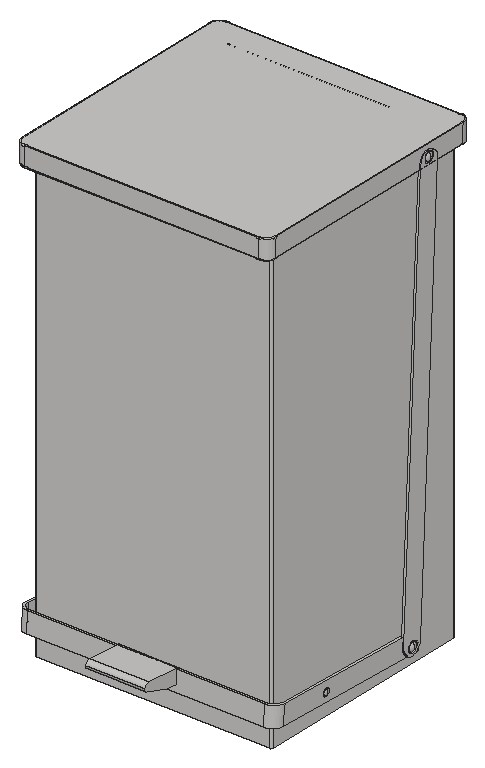
Revit family
Parameters (values of type "B-221216")
  Width = 13 3/16"
  URL = "http://www.bobrick.com/"
  Specification = "Foot-operated waste receptacle is flame retardant with a self closing lid. Inside of lid comes with a gasket for better closure, non-slip foot pedal for hands-free opening. Full width integral hinge connects lid to can. Receptacle shall have clamps for holding disposable liner in place, with a capacity of 12-gal (45.5 L). Included with each unit is a free infectious and hazardous waste adhesive label to identify refuse that requires special handling. Labels meet OSHA labeling requirements. Unit is cULus listed. Foot-Operated Waste Receptacle shall be Model B-221216 of Bobrick Washroom Equipment, Inc., Clifton Park, New York; Jackson, Tennessee; Los Angeles, California; Bobrick Washroom Equipment Company, Scarborough, Ontario; Bobrick Washroom Equipment Pty. Ltd., Australia; and Bobrick Washroom Equipment Limited, United Kingdom."
  Price = "Prices may vary. Please consult Manufacturer Representative for most up-to-date price list."  # constant formula
  Phone Number = "416-250-5656"  # constant formula
  Omniclass Table 23 Title = "Refuse Disposal Furniture"  # constant formula
  Omniclass Table 23 Code = "23.40.20.31"  # constant formula
  Model = "B-221216"
  Material = Stainless Steel-Bobrick-Type 304-Satin
  Masterformat Title = "Waste Receptacles"  # constant formula
  Masterformat Number = "12 46 33"  # constant formula
  Manufacturer = "Bobrick"
  Length = 14"
  Height = 23 1/2"
  Description = "Bobrick Foot-Operated Waste Receptacle"
  Default Elevation = 0"
  Creation Date = "06/18/2015"  # constant formula
  Created By = "Allied Technical Services"  # constant formula
  Assembly Code = "E"
  ATS URL = "http://www.atsspec.net"
Reference planes (in)
  plane 1 "Center (Front/Back)": y = 0
  plane 2: z = 0
  plane 3 "Center (Left/Right)": x = 0
  plane 4: z = 23.5
  plane 5: y = -6.59375
  plane 6: y = 6.59375
  plane 7: x = 6.59375
  plane 8: x = -6.59375
  plane 9: y = -5.67787
  plane 10: y = 6.40625
  plane 11: y = 5.94141
  plane 12: y = -8.05859
  plane 13: x = 6.4705
Forms (in)
  Extrusion 1, solid, material "Stainless Steel-Bobrick-Type 304-Satin" <- "Material"
    sketch origin (0, 0.32213, 0) x (1, 0, 0) y (0, 1, 0)
      loop
        arc (-5.89062, 5.61928) -> (-5.97901, 5.58266) -> (-6.01562, 5.49428) r 0.125
        line (-6.01562, 5.49428) -> (-6.01562, -5.875)
        arc (-6.01562, -5.875) -> (-5.97901, -5.96339) -> (-5.89062, -6) r 0.125
        line (-5.89062, -6) -> (5.89062, -6)
        arc (5.89062, -6) -> (5.97901, -5.96339) -> (6.01562, -5.875) r 0.125
        line (6.01562, -5.875) -> (6.01562, 5.49428)
        arc (6.01562, 5.49428) -> (5.97901, 5.58266) -> (5.89062, 5.61928) r 0.125
        line (5.89062, 5.61928) -> (-5.89062, 5.61928)
    from 0 to 22.95905
  Extrusion 2, solid, material "Stainless Steel-Bobrick-Type 304-Satin" <- "Material"
    sketch origin (0, -0.45912, 0.0625) x (0, 1, 0) y (0, 0, 1)
      loop
        line (-7.51547, 1.96047) -> (-6.22477, 1.54109)
        arc (-6.22477, 1.54109) -> (-5.96792, 1.47943) -> (-5.70458, 1.4587) r 1.68335
        line (-5.70458, 1.4587) -> (-5.43481, 1.4587) -> (-5.43481, 2.05811)
        arc (-5.43481, 2.05811) -> (-5.46785, 2.14199) -> (-5.54922, 2.1808) r 0.12299
        line (-5.54922, 2.1808) -> (-7.33609, 2.30575)
        arc (-7.33609, 2.30575) -> (-7.50687, 2.25381) -> (-7.59947, 2.10122) r 0.25
        arc (-7.59947, 2.10122) -> (-7.5839, 2.01507) -> (-7.51547, 1.96047) r 0.1245
    from -1.5 to 1.5
  Extrusion 3, solid, material "Stainless Steel-Bobrick-Type 304-Satin" <- "Material"
    sketch origin (6.39412, 0.69713, 6.36412) x (0, 1, 0) y (0, 0, 1)
      loop
        line (2.43256, 16.43506) -> (1.3606, -5.0486)
        arc (1.3606, -5.0486) -> (1.83161, -5.57599) -> (2.35901, -5.10498) r 0.5
        line (2.35901, -5.10498) -> (3.43097, 16.37868)
        arc (3.43097, 16.37868) -> (2.95995, 16.90607) -> (2.43256, 16.43506) r 0.5
      loop
        circle (1.89911, -5.19416) r 0.30301
      loop
        circle (1.89911, -5.19416) r 0.19731
      loop
        circle (2.94026, 16.58474) r 0.30301
      loop
        circle (2.94026, 16.58474) r 0.19731
    from 0 to 0.125
  Sweep 4, solid, material "Stainless Steel-Bobrick-Type 304-Satin" <- "Material"
    path origin (0, 0.22353, 0.13124) x (1, 0, 0) y (0, 0.99863, -0.052336)
      loop
        line (6.34107, 2.80221) -> (6.49227, -5.86004)
        arc (6.49227, -5.86004) -> (6.34897, -6.21922) -> (5.99234, -6.36877) r 0.5
        line (5.99234, -6.36877) -> (-6.00691, -6.36877)
        arc (-6.00691, -6.36877) -> (-6.36353, -6.21922) -> (-6.50683, -5.86004) r 0.5
        line (-6.50683, -5.86004) -> (-6.35594, 2.78428)
    profile origin (-0.00728, -6.13651, 0.46456) x (0, -0.99863, 0.052336) y (0, 0.052336, 0.99863)
      loop
        line (-0.0625, 0.75) -> (0.0625, 0.75) -> (0.0625, 1.75) -> (-0.0625, 1.75) -> (-0.0625, 0.75)
  Sweep 5, solid, material "Stainless Steel-Bobrick-Type 304-Satin" <- "Material"
    path origin (0, 0, 0) x (1, 0, 0) y (0, 1, 0)
      loop
        arc (-6.42187, -5.91127) -> (-6.27543, -6.26482) -> (-5.92187, -6.41127) r 0.5
        line (-5.92187, -6.41127) -> (5.92187, -6.41127)
        arc (5.92187, -6.41127) -> (6.27543, -6.26482) -> (6.42187, -5.91127) r 0.5
        line (6.42187, -5.91127) -> (6.42187, 5.90625)
        arc (6.42187, 5.90625) -> (6.27543, 6.2598) -> (5.92187, 6.40625) r 0.5
        line (5.92187, 6.40625) -> (-5.92187, 6.40625)
        arc (-5.92187, 6.40625) -> (-6.27543, 6.2598) -> (-6.42187, 5.90625) r 0.5
        line (-6.42187, 5.90625) -> (-6.42187, -5.91127)
    profile origin (-6.42187, -0.00251, 0) x (-1, 0, 0) y (0, 0, 1)
      loop
        line (0, 22.51546) -> (0, 23.46398)
        arc (0, 23.46398) -> (-0.01055, 23.48945) -> (-0.03602, 23.5) r 0.03602
        line (-0.03602, 23.5) -> (-0.46484, 23.5) -> (-0.46484, 23.46875) -> (-0.03125, 23.46875) -> (-0.03125, 22.51546)
        arc (-0.03125, 22.51546) -> (-0.01562, 22.49983) -> (0, 22.51546) r 0.01562
  Revolve 6, solid, material "Stainless Steel-Bobrick-Type 304-Satin" <- "Material"
    sketch origin (0.92188, 3.63739, 0) x (1, 0, 0) y (0, 0, 1)
      loop
        line (5.59724, 22.94886) -> (5.59724, 22.75156)
        arc (5.59724, 22.75156) -> (5.65259, 22.84339) -> (5.67188, 22.94886) r 0.29812
        line (5.67188, 22.94886) -> (5.59724, 22.94886)
      axis (5.59724, 22.94886) -> (5.67188, 22.94886)
    angle from 0 to 360
  Revolve 7, solid, material "Stainless Steel-Bobrick-Type 304-Satin" <- "Material"
    sketch origin (0.92187, 2.59624, -19.2789) x (1, 0, 0) y (0, 0, 1)
      loop
        line (5.59724, 20.44886) -> (5.59724, 20.25156)
        arc (5.59724, 20.25156) -> (5.65259, 20.34339) -> (5.67188, 20.44886) r 0.29812
        line (5.67188, 20.44886) -> (5.59724, 20.44886)
      axis (5.59724, 20.44886) -> (5.67188, 20.44886)
    angle from 0 to 360
  Extrusion 8, solid, material "Stainless Steel-Bobrick-Type 304-Satin" <- "Material"
    sketch origin (-6.39412, 0.69713, 6.36412) x (0, 1, 0) y (0, 0, -1)
      loop
        arc (2.43256, -16.43506) -> (2.95995, -16.90607) -> (3.43097, -16.37868) r 0.5
        line (3.43097, -16.37868) -> (2.35901, 5.10498)
        arc (2.35901, 5.10498) -> (1.83161, 5.57599) -> (1.3606, 5.0486) r 0.5
        line (1.3606, 5.0486) -> (2.43256, -16.43506)
      loop
        circle (1.89911, 5.19416) r 0.30301
      loop
        circle (1.89911, 5.19416) r 0.19731
      loop
        circle (2.94026, -16.58474) r 0.30301
      loop
        circle (2.94026, -16.58474) r 0.19731
    from 0 to 0.125
  Revolve 9, solid, material "Stainless Steel-Bobrick-Type 304-Satin" <- "Material"
    sketch origin (-0.92188, 3.63739, 0) x (-1, 0, 0) y (0, 0, -1)
      loop
        line (5.59724, -22.94886) -> (5.67188, -22.94886)
        arc (5.67188, -22.94886) -> (5.65259, -22.84339) -> (5.59724, -22.75156) r 0.29812
        line (5.59724, -22.75156) -> (5.59724, -22.94886)
      axis (5.59724, -22.94886) -> (5.67188, -22.94886)
    angle from 0 to 360
  Revolve 10, solid, material "Stainless Steel-Bobrick-Type 304-Satin" <- "Material"
    sketch origin (-0.92188, 2.59624, -19.2789) x (-1, 0, 0) y (0, 0, -1)
      loop
        line (5.59724, -20.44886) -> (5.67188, -20.44886)
        arc (5.67188, -20.44886) -> (5.65259, -20.34339) -> (5.59724, -20.25156) r 0.29812
        line (5.59724, -20.25156) -> (5.59724, -20.44886)
      axis (5.59724, -20.44886) -> (5.67188, -20.44886)
    angle from 0 to 360
  Revolve 11, solid, material "Stainless Steel-Bobrick-Type 304-Satin" <- "Material"
    sketch origin (0.91977, -2.90376, -18.91235) x (1, 0, 0) y (0, 0, 1)
      loop
        line (5.37829, 20.44886) -> (5.37829, 20.25156) -> (5.5574, 20.25156)
        arc (5.5574, 20.25156) -> (5.59611, 20.26148) -> (5.62527, 20.28881) r 0.08044
        arc (5.62527, 20.28881) -> (5.65999, 20.36552) -> (5.67188, 20.44886) r 0.29812
        line (5.67188, 20.44886) -> (5.37829, 20.44886)
      axis (5.37829, 20.44886) -> (5.67188, 20.44886)
    angle from 0 to 360
  Revolve 12, solid, material "Stainless Steel-Bobrick-Type 304-Satin" <- "Material"
    sketch origin (-0.92144, -2.90376, -18.91235) x (-1, 0, 0) y (0, 0, -1)
      loop
        line (5.37829, -20.44886) -> (5.67188, -20.44886)
        arc (5.67188, -20.44886) -> (5.65999, -20.36552) -> (5.62527, -20.28881) r 0.29812
        arc (5.62527, -20.28881) -> (5.59611, -20.26148) -> (5.5574, -20.25156) r 0.08044
        line (5.5574, -20.25156) -> (5.37829, -20.25156) -> (5.37829, -20.44886)
      axis (5.37829, -20.44886) -> (5.67188, -20.44886)
    angle from 0 to 360
  Extrusion 13, solid, material "Stainless Steel-Bobrick-Type 304-Satin" <- "Material"
    sketch origin (0, 0, 0) x (1, 0, 0) y (0, 1, 0)
      loop
        arc (-5.92187, 5.94141) -> (-5.94673, 5.93111) -> (-5.95703, 5.90625) r 0.03516
        line (-5.95703, 5.90625) -> (-5.95703, -5.91127)
        arc (-5.95703, -5.91127) -> (-5.94673, -5.93613) -> (-5.92187, -5.94642) r 0.03516
        line (-5.92187, -5.94642) -> (5.92187, -5.94642)
        arc (5.92187, -5.94642) -> (5.94673, -5.93613) -> (5.95703, -5.91127) r 0.03516
        line (5.95703, -5.91127) -> (5.95703, 5.90625)
        arc (5.95703, 5.90625) -> (5.94673, 5.93111) -> (5.92187, 5.94141) r 0.03516
        line (5.92187, 5.94141) -> (-5.92187, 5.94141)
    from 23.46875 to 23.5
Cuts and joins
  joined: Extrusion 2, Extrusion 3, Sweep 4, Revolve 6, Revolve 7, Extrusion 8, Revolve 9, Revolve 10, Revolve 11, Revolve 12
  joined: Extrusion 1, Sweep 5, Extrusion 13
Lines and regions (in)
  Masking region 1
    outline origin (0, 0, 0) x (1, 0, 0) y (0, 1, 0)
      loop
        line (-6.42187, 4.12887) -> (-6.51912, 4.12887) -> (-6.51912, 3.83462)
        arc (-6.51912, 3.83462) -> (-6.59375, 3.63685) -> (-6.51912, 3.43908) r 0.29936
        line (-6.51912, 3.43908) -> (-6.51912, 2.79355)
        arc (-6.51912, 2.79355) -> (-6.5941, 2.59539) -> (-6.51912, 2.39723) r 0.29932
        line (-6.51912, 2.39723) -> (-6.51912, 2.05693) -> (-6.47051, 2.05693) -> (-6.55177, -6.03107)
        arc (-6.55177, -6.03107) -> (-6.40712, -6.38787) -> (-6.05179, -6.5361) r 0.5
        line (-6.05179, -6.5361) -> (-1.5, -6.5361) -> (-1.5, -7.93359)
        arc (-1.5, -7.93359) -> (-1.46339, -8.02198) -> (-1.375, -8.05859) r 0.125
        line (-1.375, -8.05859) -> (1.375, -8.05859)
        arc (1.375, -8.05859) -> (1.46339, -8.02198) -> (1.5, -7.93359) r 0.125
        line (1.5, -7.93359) -> (1.5, -6.5361) -> (6.05179, -6.5361)
        arc (6.05179, -6.5361) -> (6.40712, -6.38787) -> (6.55177, -6.03107) r 0.5
        line (6.55177, -6.03107) -> (6.4705, 2.05693) -> (6.51912, 2.05693) -> (6.51912, 2.39723)
        arc (6.51912, 2.39723) -> (6.5941, 2.59539) -> (6.51912, 2.79355) r 0.29932
        line (6.51912, 2.79355) -> (6.51912, 3.43908)
        arc (6.51912, 3.43908) -> (6.59375, 3.63685) -> (6.51912, 3.83462) r 0.29936
        line (6.51912, 3.83462) -> (6.51912, 4.12887) -> (6.42187, 4.12887) -> (6.42187, 5.92187)
        arc (6.42187, 5.92187) -> (6.27543, 6.27543) -> (5.92187, 6.42187) r 0.5
        line (5.92187, 6.42187) -> (-5.92187, 6.42187)
        arc (-5.92187, 6.42187) -> (-6.27543, 6.27543) -> (-6.42187, 5.92187) r 0.5
        line (-6.42187, 5.92187) -> (-6.42187, 4.12887)
  Masking region 2
    outline origin (0, 0, 0) x (0, 1, 0) y (0, 0, 1)
      loop
        line (5.94141, 0) -> (5.94141, 22.5) -> (6.40625, 22.5) -> (6.40625, 23.4375)
        arc (6.40625, 23.4375) -> (6.38794, 23.48169) -> (6.34375, 23.5) r 0.0625
        line (6.34375, 23.5) -> (-6.3488, 23.5)
        arc (-6.3488, 23.5) -> (-6.39299, 23.48169) -> (-6.4113, 23.4375) r 0.0625
        line (-6.4113, 23.4375) -> (-6.4113, 22.5) -> (-5.72474, 22.5) -> (-5.72474, 2.19538) -> (-5.92846, 2.20605)
        arc (-5.92846, 2.20605) -> (-5.96495, 2.23208) -> (-6.00834, 2.2433) r 0.12299
        line (-6.00834, 2.2433) -> (-7.79521, 2.36825)
        arc (-7.79521, 2.36825) -> (-7.96599, 2.31631) -> (-8.05859, 2.16372) r 0.25
        arc (-8.05859, 2.16372) -> (-8.04302, 2.07757) -> (-7.97458, 2.02297) r 0.1245
        line (-7.97458, 2.02297) -> (-6.68389, 1.60359)
        arc (-6.68389, 1.60359) -> (-6.41716, 1.5404) -> (-6.14371, 1.52132) r 1.68335
        line (-6.14371, 1.52132) -> (-6.15967, 1.2168) -> (-5.72474, 1.19401) -> (-5.72474, 0) -> (5.94141, 0)
  Masking region 3
    outline origin (0, 0, 0) x (1, 0, 0) y (0, 0, 1)
      loop
        line (-6.01562, 0) -> (6.01562, 0) -> (6.01562, 1.16426)
        spline (6.01562, 1.16426) -> (6.03492, 1.16401) -> (6.05399, 1.16372) -> (6.07278, 1.16338) -> (6.09126, 1.163) -> (6.10939, 1.16258) -> (6.12714, 1.16211) -> (6.14446, 1.1616) -> (6.16132, 1.16105) -> (6.17769, 1.16046) -> (6.19353, 1.15984) -> (6.20882, 1.15917) -> (6.22351, 1.15847)
        line (6.22351, 1.15847) -> (6.22351, 0.73455) -> (6.34849, 0.73444) -> (6.39411, 0.87124) -> (6.39411, 0.78734) -> (6.51911, 0.78734) -> (6.51911, 0.97266)
        arc (6.51911, 0.97266) -> (6.59375, 1.1627) -> (6.52851, 1.35617) r 0.29794
        arc (6.52851, 1.35617) -> (6.59473, 1.54226) -> (6.51911, 1.72473) r 0.27498
        line (6.51911, 1.72473) -> (6.51911, 22.75156)
        arc (6.51911, 22.75156) -> (6.59395, 22.94886) -> (6.51911, 23.14617) r 0.29751
        line (6.51911, 23.14617) -> (6.51911, 23.27099) -> (6.42183, 23.27099) -> (6.42183, 23.46875)
        arc (6.42183, 23.46875) -> (6.41268, 23.49085) -> (6.39058, 23.5) r 0.03125
        line (6.39058, 23.5) -> (-6.39038, 23.5)
        arc (-6.39038, 23.5) -> (-6.41248, 23.49085) -> (-6.42163, 23.46875) r 0.03125
        line (-6.42163, 23.46875) -> (-6.42163, 23.27099) -> (-6.51891, 23.27099) -> (-6.51891, 23.14617)
        arc (-6.51891, 23.14617) -> (-6.59375, 22.94886) -> (-6.51891, 22.75156) r 0.29751
        line (-6.51891, 22.75156) -> (-6.51891, 1.72473)
        arc (-6.51891, 1.72473) -> (-6.59452, 1.54226) -> (-6.52831, 1.35617) r 0.27498
        arc (-6.52831, 1.35617) -> (-6.59355, 1.1627) -> (-6.51891, 0.97266) r 0.29794
        line (-6.51891, 0.97266) -> (-6.51891, 0.78734) -> (-6.39391, 0.78734) -> (-6.39391, 0.87124) -> (-6.34829, 0.73444) -> (-6.22331, 0.73455) -> (-6.22331, 1.15847)
        spline (-6.22331, 1.15847) -> (-6.20863, 1.15917) -> (-6.19336, 1.15984) -> (-6.17753, 1.16046) -> (-6.16118, 1.16105) -> (-6.14433, 1.1616) -> (-6.12703, 1.16211) -> (-6.1093, 1.16258) -> (-6.09119, 1.163) -> (-6.07272, 1.16338) -> (-6.05395, 1.16372) -> (-6.0349, 1.16401) -> (-6.01562, 1.16425)
        line (-6.01562, 1.16425) -> (-6.01562, 0)
  symbolic lines, detail levels medium+fine
    curve 1: line (1.5, -6.5361, 0) -> (1.5, -6.41127, 0)
    curve 2: line (-1.5, -6.5361, 0) -> (-1.5, -6.41127, 0)
    curve 3: line (-1.375, -6.41127, 0) -> (-1.375, -7.93359, 0)
    curve 4: line (1.375, -7.93359, 0) -> (1.375, -6.41127, 0)
    curve 5: line (-6.42187, -5.91127, 0) -> (-6.42187, 4.12887, 0)
    curve 6: line (-5.92187, -6.41127, 0) -> (5.92187, -6.41127, 0)
    curve 7: line (6.42187, -5.91127, 0) -> (6.42187, 4.12887, 0)
    curve 10: arc (-6.42187, -5.91127, 0) -> (-6.27543, -6.26482, 0) -> (-5.92187, -6.41127, 0) r 0.5
    curve 11: arc (6.42187, -5.91127, 0) -> (6.27543, -6.26482, 0) -> (5.92187, -6.41127, 0) r 0.5
    curve 14: line (6.4705, 2.05693, 0) -> (6.42187, 2.05693, 0)
    curve 15: line (6.51912, 2.39894, 0) -> (6.51912, 2.79355, 0)
    curve 16: line (6.51912, 3.43908, 0) -> (6.51912, 3.83462, 0)
    curve 68: line (-6.51912, 2.39723, 0) -> (-6.51912, 2.79355, 0)
    curve 69: line (-6.51912, 3.43908, 0) -> (-6.51912, 3.83462, 0)
    curve 71: line (-1.375, -7.93359, 0) -> (1.375, -7.93359, 0)
  symbolic lines, detail levels fine
    curve 8: line (-1.5, -6.47898, 0) -> (-5.92183, -6.47898, 0)
    curve 9: line (1.5, -6.47872, 0) -> (6.04814, -6.47872, 0)
    curve 12: arc (-5.92183, -6.47373, 0) -> (-6.34235, -6.33178, 0) -> (-6.48429, -5.91127, 0) r 0.5
    curve 13: line (-6.42187, -0.13803, 0) -> (-6.48429, -5.91127, 0)
    curve 17: arc (6.04814, -6.4736, 0) -> (6.36203, -6.30591, 0) -> (6.48487, -5.97191, 0) r 0.5
    curve 18: line (6.48487, -5.97191, 0) -> (6.42187, -0.44836, 0)
  symbolic lines, style "PlumbingFixturesHiddenLines", detail levels medium+fine
    curve 19: arc (0, 3.05614, 1.25915) -> (0, 2.52875, 0.78813) -> (0, 2.05773, 1.31552) r 0.5
    curve 20: line (0, 2.08122, 1.78629) -> (0, -5.72474, 2.19538)
    curve 21: line (0, -5.72474, 1.19401) -> (0, 2.77791, 0.7484)
    curve 27: line (0, 5.94141, 22.5) -> (0, 4.11598, 22.5)
    curve 28: arc (0, 3.04069, 0.9856) -> (0, 2.95851, 0.81248) -> (0, 2.77791, 0.7484) r 0.25
    curve 29: line (-1.5, 0, 2.36825) -> (1.5, 0, 2.36825)
    curve 30: line (-1.5, 0, 1.5212) -> (-1.5, 0, 2.36825)
    curve 31: line (1.5, 0, 1.5212) -> (-1.5, 0, 1.5212)
    curve 32: line (1.5, 0, 2.36825) -> (1.5, 0, 1.5212)
    curve 33: line (1.5, 0, 2.16372) -> (6.48421, 0, 2.16372)
    curve 34: line (6.42183, 0, 22.5) -> (-6.42184, 0, 22.5)
    curve 35: line (6.17187, 0, 2.16372) -> (6.17187, 0, 22.5)
    curve 36: line (-5.9218, 0, 1.16479) -> (5.9218, 0, 1.16479)
    curve 37: spline (5.9218, 0, 1.16479) -> (5.97953, 0, 1.16459) -> (6.03626, 0, 1.16399) -> (6.09098, 0, 1.16301) -> (6.14275, 0, 1.16166) -> (6.19065, 0, 1.15996) -> (6.23384, 0, 1.15794) -> (6.27158, 0, 1.15565) -> (6.3032, 0, 1.15311) -> (6.32815, 0, 1.15038) -> (6.34599, 0, 1.1475) -> (6.35641, 0, 1.14452) -> (6.35923, 0, 1.14149)
    curve 38: line (6.35923, 0, 1.14149) -> (6.22351, 0, 0.73455)
    curve 39: spline (6.48421, 0, 1.14138) -> (6.48059, 0, 1.14527) -> (6.46719, 0, 1.1491) -> (6.44425, 0, 1.1528) -> (6.41218, 0, 1.15631) -> (6.37152, 0, 1.15958) -> (6.323, 0, 1.16253) -> (6.26746, 0, 1.16512) -> (6.20588, 0, 1.1673) -> (6.13932, 0, 1.16904) -> (6.06896, 0, 1.17031) -> (5.99603, 0, 1.17107) -> (5.9218, 0, 1.17133)
    curve 40: line (5.9218, 0, 1.17133) -> (-5.9218, 0, 1.17133)
    curve 41: line (6.48421, 0, 1.14138) -> (6.39411, 0, 0.87124)
    curve 42: line (-1.5, 0, 2.16996) -> (-6.48422, 0, 2.16996)
    curve 43: line (-6.17188, 0, 2.16689) -> (-6.17188, 0, 22.5)
    curve 44: line (-6.39412, 0, 2.15651) -> (-6.39412, 0, 22.5)
    curve 45: line (6.39411, 0, 2.16372) -> (6.39411, 0, 22.5)
    curve 46: line (6.48421, 0, 1.14138) -> (6.48421, 0, 2.16372)
    curve 47: line (6.51911, 0, 0.97266) -> (6.51911, 0, 1.72473)
    curve 48: line (6.52851, 0, 1.35617) -> (6.51911, 0, 1.34677)
    curve 49: spline (-5.9218, 0, 1.16479) -> (-5.97954, 0, 1.16459) -> (-6.03627, 0, 1.16399) -> (-6.09099, 0, 1.16301) -> (-6.14275, 0, 1.16166) -> (-6.19065, 0, 1.15996) -> (-6.23385, 0, 1.15794) -> (-6.27159, 0, 1.15565) -> (-6.30321, 0, 1.15311) -> (-6.32816, 0, 1.15038) -> (-6.346, 0, 1.1475) -> (-6.35642, 0, 1.14452) -> (-6.35924, 0, 1.14149)
    curve 50: line (-6.35924, 0, 1.14149) -> (-6.22351, 0, 0.73455)
    curve 51: spline (-6.48422, 0, 1.14138) -> (-6.48059, 0, 1.14527) -> (-6.4672, 0, 1.1491) -> (-6.44426, 0, 1.1528) -> (-6.41218, 0, 1.15631) -> (-6.37153, 0, 1.15958) -> (-6.32301, 0, 1.16253) -> (-6.26747, 0, 1.16512) -> (-6.20588, 0, 1.1673) -> (-6.13933, 0, 1.16904) -> (-6.06897, 0, 1.17031) -> (-5.99604, 0, 1.17107) -> (-5.9218, 0, 1.17133)
    curve 52: line (-6.48422, 0, 1.14138) -> (-6.39412, 0, 0.87124)
    curve 53: line (-6.48422, 0, 1.14138) -> (-6.48422, 0, 2.16996)
    curve 54: line (-6.51912, 0, 0.97266) -> (-6.51912, 0, 1.72473)
    curve 55: line (-6.52852, 0, 1.35617) -> (-6.51912, 0, 1.34677)
    curve 56: line (-6.42184, 0, 23.27099) -> (-6.42184, 0, 22.5)
    curve 57: line (-6.51912, 0, 23.14617) -> (-6.51912, 0, 22.7428)
    curve 58: line (6.42183, 0, 23.27099) -> (6.42183, 0, 22.5)
    curve 59: line (6.51911, 0, 23.14617) -> (6.51911, 0, 22.7428)
    curve 61: arc (0, -5.89393, 2.12061) -> (0, -5.90289, 2.16669) -> (0, -5.92846, 2.20605) r 0.12299
    curve 62: line (0, -5.89393, 1.5212) -> (0, -5.89393, 2.12061)
    curve 63: line (0, -6.14372, 1.5212) -> (0, -5.89393, 1.5212)
    curve 64: arc (0, 3.12969, 22.79918) -> (0, 3.65708, 23.27019) -> (0, 4.1281, 22.7428) r 0.5
    curve 65: line (0, 3.04249, 0.98551) -> (0, 4.1281, 22.7428)
    curve 66: line (0, 3.12969, 22.79918) -> (0, 2.05773, 1.31552)
    curve 67: line (0, 3.11476, 22.5) -> (0, -5.72474, 22.5)
    curve 70: line (-6.47051, 2.05693, 0) -> (-6.42187, 2.05693, 0)
  symbolic lines, style "PlumbingFixturesHiddenLines", detail levels fine
    curve 22: circle (0, -2.90376, 1.53651) r 0.19731 normal (1, 0, 0)
    curve 23: circle (0, 2.59624, 1.16996) r 0.30301 normal (1, 0, 0)
    curve 24: circle (0, 2.59624, 1.16996) r 0.19731 normal (-1, 0, 0)
    curve 25: circle (0, 3.63743, 22.95026) r 0.30301 normal (1, 0, 0)
    curve 26: circle (0, 3.63743, 22.95026) r 0.19731 normal (-1, 0, 0)
    curve 60: circle (0, -2.90625, 1.53607) r 0.30301 normal (1, 0, 0)
Dimensions and locks (in)
  "Width": plane 8 to plane 7
  "Height": plane 4 to level
  "Length": plane 11 to plane 12
Automatic sketch dimensions
  Extrusion 1 sketch curve to Extrusion 1 sketch curve = 1/8"  (x2)
  Extrusion 2 sketch curve to Extrusion 2 sketch curve = 0"
  Extrusion 2 sketch curve to Extrusion 2 sketch curve = 0.12346"
  Extrusion 2 sketch curve to Extrusion 2 sketch curve = 0.01744"
  Extrusion 2 sketch curve to Extrusion 2 sketch curve = 0.00858"
  Extrusion 2 sketch curve to Extrusion 2 sketch curve = 0.12299"
  level to Extrusion 2 sketch curve = 1.5212"
  Extrusion 2 sketch curve to Extrusion 2 sketch curve = 0.08239"
  Extrusion 2 sketch curve to Extrusion 2 sketch curve = 0.41937"
  Extrusion 2 sketch curve to Extrusion 2 sketch curve = 0.09589"
  Extrusion 2 sketch curve to Extrusion 2 sketch curve = 0.59941"
  Extrusion 3 sketch curve to Extrusion 3 sketch curve = 0"  (x5)
  Extrusion 3 sketch curve to plane 1 "Center (Front/Back)" = 2.05773"
  Extrusion 3 sketch curve to Extrusion 3 sketch curve = 0.4992"  (x3)
  Extrusion 3 sketch curve to Extrusion 3 sketch curve = 0.03931"
  Extrusion 3 sketch curve to Extrusion 3 sketch curve = 0.4599"
  Extrusion 3 sketch curve to plane 4 = 0.70082"
  Extrusion 3 sketch curve to Extrusion 3 sketch curve = 0.0085"
  Extrusion 3 sketch curve to plane 4 = 0.7572"
  level to Extrusion 3 sketch curve = 1.31552"
  Extrusion 3 sketch curve to Extrusion 3 sketch curve = 0.02819"
  Extrusion 3 sketch curve to Extrusion 3 sketch curve = 0.11737"
  Extrusion 3 sketch curve to Extrusion 3 sketch curve = 0.17787"
  Sweep 4 sketch curve to Sweep 4 sketch curve = 0.49992"  (x2)
  Sweep 4 sketch curve to Sweep 4 sketch curve = 1/2"  (x2)
  Sweep 4 sketch curve to Sweep 4 sketch curve = 8.64432"
  Sweep 4 sketch curve to Sweep 4 sketch curve = 8.66225"
  profile plane to Sweep 4 sketch curve = 1/16"
  Sweep 4 sketch curve to profile plane = 1/16"
  profile plane to Sweep 4 sketch curve = 3/4"
  Sweep 4 sketch curve to Sweep 4 sketch curve = 1"
  Revolve 6 sketch curve to Revolve 6 sketch curve = 0.03732"
  Revolve 6 sketch curve to Revolve 6 sketch curve = 0.22348"
  Revolve 6 sketch curve to Revolve 6 sketch curve = 0.09013"
  Revolve 6 sketch curve to plane 4 = 0.74844"
  Revolve 6 sketch curve to Revolve 6 sketch curve = 0"
  Revolve 7 sketch curve to Revolve 7 sketch curve = 0.03732"  (x2)
  Revolve 7 sketch curve to Revolve 7 sketch curve = 0.22348"
  level to Revolve 7 sketch curve = 249/256"
  Revolve 7 sketch curve to Revolve 7 sketch curve = 0"
  Extrusion 8 sketch curve to Extrusion 8 sketch curve = 0"  (x5)
  Extrusion 8 sketch curve to plane 1 "Center (Front/Back)" = 2.05773"
  Extrusion 8 sketch curve to Extrusion 8 sketch curve = 0.4992"  (x3)
  Extrusion 8 sketch curve to Extrusion 8 sketch curve = 0.03931"
  Extrusion 8 sketch curve to Extrusion 8 sketch curve = 0.4599"
  Extrusion 8 sketch curve to plane 4 = 0.70082"
  Extrusion 8 sketch curve to Extrusion 8 sketch curve = 0.0085"
  Extrusion 8 sketch curve to plane 4 = 0.7572"
  Extrusion 8 sketch curve to Extrusion 8 sketch curve = 0.17787"
  level to Extrusion 8 sketch curve = 1.31552"
  Extrusion 8 sketch curve to Extrusion 8 sketch curve = 0.02819"
  Extrusion 8 sketch curve to Extrusion 8 sketch curve = 0.11737"
  Revolve 9 sketch curve to Revolve 9 sketch curve = 0.03732"  (x2)
  Revolve 9 sketch curve to Revolve 9 sketch curve = 0.22348"
  Revolve 9 sketch curve to Revolve 9 sketch curve = 0.09013"
  Revolve 9 sketch curve to plane 4 = 0.55114"
  Revolve 9 sketch curve to Revolve 9 sketch curve = 0"
  Revolve 10 sketch curve to Revolve 10 sketch curve = 0.03732"  (x2)
  Revolve 10 sketch curve to Revolve 10 sketch curve = 0.22348"
  Revolve 10 sketch curve to Revolve 10 sketch curve = 0.09013"
  level to Revolve 10 sketch curve = 1.16996"
  Revolve 10 sketch curve to Revolve 10 sketch curve = 0"
  Revolve 11 sketch curve to Revolve 11 sketch curve = 0.03732"
  Revolve 11 sketch curve to Revolve 11 sketch curve = 0"  (x2)
  Revolve 11 sketch curve to Revolve 11 sketch curve = 0.06787"
  Revolve 11 sketch curve to Revolve 11 sketch curve = 0.17911"
  Revolve 11 sketch curve to Revolve 11 sketch curve = 0.00454"
  level to Revolve 11 sketch curve = 1.3392"
  Revolve 12 sketch curve to Revolve 12 sketch curve = 0"  (x2)
  Revolve 12 sketch curve to Revolve 12 sketch curve = 0.06787"
  Revolve 12 sketch curve to Revolve 12 sketch curve = 0.17911"
  Revolve 12 sketch curve to Revolve 12 sketch curve = 0.00454"
  Revolve 12 sketch curve to Revolve 12 sketch curve = 0.09013"
  level to Revolve 12 sketch curve = 1.53651"
  Masking region 2 sketch curve to plane 4 = 0"
  Masking region 2 sketch curve to level = 0"
  Masking region 2 sketch curve to Masking region 2 sketch curve = 0.20371"
  Masking region 2 sketch curve to plane 4 = 1/16"  (x2)
  Masking region 2 sketch curve to Masking region 2 sketch curve = 0.07988"
  Masking region 2 sketch curve to Masking region 2 sketch curve = 0.08846"
  Masking region 2 sketch curve to Masking region 2 sketch curve = 0.54018"
  Masking region 2 sketch curve to Masking region 2 sketch curve = 0"
  Masking region 2 sketch curve to Masking region 2 sketch curve = 1.19401"
  Masking region 2 sketch curve to Masking region 2 sketch curve = 0.02279"
  Masking region 2 sketch curve to Masking region 2 sketch curve = 0.08227"
  Masking region 2 sketch curve to Masking region 2 sketch curve = 0.41937"
  Masking region 2 sketch curve to Masking region 2 sketch curve = 0.09589"
  Masking region 2 sketch curve to Masking region 2 sketch curve = 0.07477"
  Masking region 2 sketch curve to Masking region 2 sketch curve = 0.08544"
  Masking region 2 sketch curve to Masking region 2 sketch curve = 15/16"  (x2)
  Masking region 3 sketch curve to plane 4 = 0"
  Masking region 3 sketch curve to Masking region 3 sketch curve = 0.09728"  (x2)
  Masking region 3 sketch curve to Masking region 3 sketch curve = 1/8"  (x4)
  Masking region 3 sketch curve to Masking region 3 sketch curve = 1/32"
  Masking region 3 sketch curve to Masking region 3 sketch curve = 0.15982"
  Masking region 3 sketch curve to Masking region 3 sketch curve = 0.04562"  (x2)
  Masking region 3 sketch curve to Masking region 3 sketch curve = 0.06339"  (x2)
  Masking region 3 sketch curve to Masking region 3 sketch curve = 0.20768"
  Masking region 3 sketch curve to Masking region 3 sketch curve = 0.09403"
  Masking region 3 sketch curve to Masking region 3 sketch curve = 0.20788"
  Masking region 3 sketch curve to Masking region 3 sketch curve = 0.0724"
  Masking region 3 sketch curve to plane 4 = 1/32"
  Masking region 3 sketch curve to level = 0"
  level to Masking region 3 sketch curve = 0.73444"  (x2)
  Masking region 3 sketch curve to Masking region 3 sketch curve = 0.00011"  (x2)
  Masking region 3 sketch curve to Masking region 3 sketch curve = 0.0529"  (x2)
  Masking region 3 sketch curve to Masking region 3 sketch curve = 0.0839"  (x2)
  Masking region 3 sketch curve to Masking region 3 sketch curve = 0.10142"  (x2)
  Masking region 3 sketch curve to Masking region 3 sketch curve = 0.40734"
  Masking region 3 sketch curve to Masking region 3 sketch curve = 0.16924"
  Masking region 3 sketch curve to Masking region 3 sketch curve = 0.01658"  (x2)
  Masking region 3 sketch curve to Masking region 3 sketch curve = 0.0281"  (x2)
  Masking region 3 sketch curve to Masking region 3 sketch curve = 0.17908"  (x2)
  Masking region 3 sketch curve to Masking region 3 sketch curve = 0.71719"  (x2)
  Masking region 3 sketch curve to Masking region 3 sketch curve = 0.19731"  (x2)
  Masking region 3 sketch curve to Masking region 3 sketch curve = 0.12482"  (x2)
  Masking region 3 sketch curve to Masking region 3 sketch curve = 0.09383"
  curve 55 to curve 55 = 0.0094"  (x2)
  curve 51 to curve 52 = 0.00009"
  curve 34 to curve 44 = 0.02772"
  curve 54 to curve 52 = 1/8"
  curve 52 to curve 49 = 0.12491"
  curve 49 to curve 50 = 0.00007"
  curve 52 to curve 50 = 0.17061"
  curve 44 to curve 43 = 0.22224"
  curve 50 to curve 49 = 0.43743"
  curve 51 to curve 49 = 0"
  curve 30 to plane 3 "Center (Left/Right)" = 1 1/2"
  plane 3 "Center (Left/Right)" to curve 32 = 1 1/2"
  curve 39 to curve 37 = 0"
  curve 38 to curve 37 = 0.00007"
  curve 39 to curve 39 = 0.00009"
  curve 48 to curve 48 = 0.0094"  (x2)
  level to curve 50 = 0.73455"
  level to curve 38 = 0.73455"
  curve 38 to curve 41 = 0.13668"
  curve 50 to curve 52 = 0.13668"
  curve 52 to curve 54 = 0.10142"
  curve 41 to curve 47 = 0.10142"
  curve 54 to curve 51 = 0.16872"
  curve 47 to curve 39 = 0.16872"
  curve 39 to curve 37 = 0.00011"
  curve 52 to curve 49 = 0.00011"
  curve 38 to curve 37 = 0.0004"
  curve 39 to curve 39 = 0.00051"
  curve 39 to curve 48 = 0.20488"
  curve 51 to curve 55 = 0.20488"
  level to curve 31 = 1.5212"
  curve 55 to curve 54 = 0.36856"
  curve 48 to curve 47 = 0.36856"
  curve 54 to curve 44 = 0.43178"
  curve 31 to curve 33 = 0.64251"
  curve 44 to curve 43 = 0.01038"
  curve 44 to curve 42 = 0.01345"
  curve 42 to curve 29 = 0.19829"
  curve 34 to plane 4 = 1"
  curve 34 to curve 57 = 0.2428"
  curve 58 to curve 59 = 0.2428"
  curve 59 to plane 4 = 0.35383"
  curve 57 to plane 4 = 0.35383"
  curve 57 to curve 56 = 0.12482"
  curve 59 to curve 58 = 0.12482"
  Extrusion 1 sketch curve to plane 5 = 1.04088"
  plane 5 to Extrusion 2 sketch curve = 0.09014"
  Extrusion 2 sketch curve to plane 5 = 0.43005"
  Extrusion 2 sketch curve to Extrusion 2 sketch curve = 0.14678"
  plane 5 to Masking region 2 sketch curve = 0.09014"
  Masking region 2 sketch curve to Masking region 2 sketch curve = 0.01596"
  Masking region 2 sketch curve to Masking region 2 sketch curve = 0.68655"
  Masking region 2 sketch curve to Masking region 2 sketch curve = 0.43493"
  curve 40 to plane 7 = 0.67195"
  curve 39 to curve 35 = 0.25008"
  curve 37 to curve 38 = 0.30171"
  curve 38 to curve 38 = 0.13572"
  curve 35 to curve 45 = 0.22224"
  curve 38 to curve 41 = 0.17061"
  curve 45 to curve 58 = 0.02772"
  curve 37 to curve 39 = 0.12491"
  curve 33 to curve 47 = 0.0349"
  curve 58 to curve 59 = 0.09728"
  Extrusion 1 sketch curve to plane 7 = 45/64"  (x2)
  Sweep 4 sketch curve to plane 7 = 0.60141"
  Sweep 4 sketch curve to plane 7 = 0.25268"
  Revolve 6 sketch curve to plane 4 = 0.55114"
  Revolve 6 sketch curve to plane 7 = 0.29812"
  Revolve 7 sketch curve to plane 7 = 0.29812"
  Revolve 7 sketch curve to Revolve 7 sketch curve = 0.09013"
  Revolve 11 sketch curve to plane 7 = 0.30022"
  Revolve 11 sketch curve to Revolve 11 sketch curve = 0.07716"
  Revolve 11 sketch curve to Revolve 11 sketch curve = 0.09013"
  Masking region 3 sketch curve to plane 7 = 0.67195"
  Masking region 3 sketch curve to plane 7 = 0.29731"
  Masking region 3 sketch curve to Masking region 3 sketch curve = 0.02393"  (x2)
  Masking region 3 sketch curve to Masking region 3 sketch curve = 0.09414"  (x2)
  Masking region 3 sketch curve to Masking region 3 sketch curve = 0.19928"  (x2)
  Masking region 3 sketch curve to Masking region 3 sketch curve = 0.16921"  (x2)
  curve 51 to plane 8 = 0.67195"
  curve 43 to plane 8 = 27/64"
  curve 49 to curve 50 = 0.13572"
  curve 57 to curve 56 = 0.09728"
  Extrusion 1 sketch curve to plane 8 = 45/64"  (x2)
  Sweep 4 sketch curve to plane 8 = 0.58684"
  Sweep 4 sketch curve to plane 8 = 0.23781"
  Revolve 9 sketch curve to plane 8 = 0.29811"
  Revolve 10 sketch curve to plane 8 = 0.29811"
  Revolve 12 sketch curve to plane 8 = 0.29855"
  Revolve 12 sketch curve to Revolve 12 sketch curve = 0.07716"
  Revolve 12 sketch curve to Revolve 12 sketch curve = 0.03732"
  Masking region 3 sketch curve to plane 8 = 0.67216"
  Masking region 3 sketch curve to plane 8 = 0.29751"
  Sweep 5 sketch curve to plane 8 = 11/64"
  Sweep 5 sketch curve to plane 5 = 0.18248"
  Sweep 5 sketch curve to plane 8 = 43/64"  (x2)
  Sweep 5 sketch curve to plane 7 = 43/64"  (x2)
  Sweep 5 sketch curve to profile plane = 0"
  profile plane to Sweep 5 sketch curve = 1/64"
  Sweep 5 sketch curve to Sweep 5 sketch curve = 0.00477"
  Sweep 5 sketch curve to Sweep 5 sketch curve = 0.42883"
  level to Sweep 5 sketch curve = 22.51546"
  Sweep 5 sketch curve to Sweep 5 sketch curve = 0.94853"
  Sweep 5 sketch curve to Sweep 5 sketch curve = 1/32"
  Sweep 5 sketch curve to plane 6 = 3/16"
  Extrusion 3 sketch curve to plane 1 "Center (Front/Back)" = 3.12969"
  Sweep 5 sketch curve to plane 7 = 11/64"
  Extrusion 8 sketch curve to plane 1 "Center (Front/Back)" = 3.12969"
  Extrusion 2 sketch curve to Extrusion 2 sketch curve = 1.11133"
  Extrusion 2 sketch curve to Extrusion 2 sketch curve = 0.03847"
  Extrusion 2 sketch curve to Extrusion 2 sketch curve = 0.12248"
  plane 5 to Masking region 2 sketch curve = 1.20146"
  Masking region 2 sketch curve to Masking region 2 sketch curve = 0.01744"
  Masking region 2 sketch curve to Masking region 2 sketch curve = 0.12346"
  Masking region 2 sketch curve to Masking region 2 sketch curve = 0.03847"
  Masking region 2 sketch curve to Masking region 2 sketch curve = 0.12248"
  Extrusion 1 sketch curve to plane 6 = 199/256"
  Masking region 2 sketch curve to plane 6 = 167/256"
  Masking region 2 sketch curve to Masking region 2 sketch curve = 103/256"
  Extrusion 13 sketch curve to plane 7 = 43/64"
  Extrusion 13 sketch curve to Extrusion 13 sketch curve = 9/256"  (x3)
  plane 11 to Extrusion 13 sketch curve = 9/256"
  Extrusion 13 sketch curve to plane 5 = 0.64733"
  plane 11 to Extrusion 13 sketch curve = 0"
  Extrusion 13 sketch curve to plane 8 = 163/256"
  Masking region 2 sketch curve to plane 5 = 0.18245"
  Masking region 2 sketch curve to Masking region 2 sketch curve = 0.59929"
  Masking region 2 sketch curve to plane 5 = 0.43005"
  curve 23 to curve 24 = 0"  (x2)
  curve 25 to curve 26 = 0"  (x2)
  curve 27 to plane 11 = 0"
  level to curve 21 = 0.7484"
  curve 21 to curve 28 = 0.01308"
  curve 24 to curve 28 = 0.19475"
  curve 19 to curve 23 = 0.03931"
  curve 20 to curve 19 = 0.47572"
  curve 19 to curve 20 = 0.02349"
  plane 1 "Center (Front/Back)" to curve 22 = 2.90376"
  curve 60 to curve 22 = 0.00249"
  curve 67 to plane 5 = 0.86901"
  curve 21 to plane 5 = 0.86901"
  curve 20 to plane 5 = 0.86901"
  curve 63 to curve 21 = 0.16919"
  curve 61 to curve 62 = 0.03453"
  curve 61 to curve 62 = 0.12299"
  curve 63 to curve 62 = 0.24979"
  curve 28 to curve 24 = 0.1719"
  level to curve 21 = 1.19401"
  curve 23 to curve 19 = 0.11737"
  curve 21 to curve 63 = 0.3272"
  level to curve 60 = 1.53607"
  curve 60 to curve 22 = 0.00044"
  curve 62 to curve 61 = 0.59941"
  curve 62 to curve 20 = 0.07477"
  curve 27 to plane 4 = 1"
  curve 28 to curve 28 = 0.24969"
  curve 19 to curve 19 = 0.99841"
  plane 11 to curve 26 = 2.30397"
  curve 28 to curve 19 = 0.27355"
  curve 26 to plane 4 = 0.54974"
  curve 64 to plane 4 = 0.70082"
  curve 64 to curve 25 = 0.50775"
  curve 64 to curve 64 = 0.4992"  (x2)
  curve 64 to plane 4 = 0.7572"
  curve 27 to curve 64 = 0.01211"
  curve 67 to curve 27 = 1.00122"
  curve 67 to curve 27 = 0"
  level to curve 65 = 0.98551"
  curve 28 to curve 65 = 0.0018"
  Masking region 1 sketch curve to plane 13 = 0"
  Masking region 1 sketch curve to plane 13 = 0.04862"
  Masking region 1 sketch curve to plane 13 = 0.17571"
  Masking region 1 sketch curve to plane 13 = 0.1761"
  Masking region 1 sketch curve to plane 5 = 0.05765"  (x2)
  Masking region 1 sketch curve to plane 13 = 0.41871"
  plane 11 to Masking region 1 sketch curve = 5/256"  (x2)
  Masking region 1 sketch curve to Masking region 1 sketch curve = 1/2"  (x3)
  plane 12 to Masking region 1 sketch curve = 1/8"  (x2)
  plane 3 "Center (Left/Right)" to Masking region 1 sketch curve = 1 1/2"
  Masking region 1 sketch curve to Masking region 1 sketch curve = 1/8"
  Masking region 1 sketch curve to plane 3 "Center (Left/Right)" = 1 3/8"
  Masking region 1 sketch curve to plane 8 = 43/64"
  Masking region 1 sketch curve to plane 8 = 0.54196"
  Masking region 1 sketch curve to plane 8 = 0.29936"
  Masking region 1 sketch curve to plane 8 = 0.29896"
  Masking region 1 sketch curve to plane 8 = 0.12324"
  Masking region 1 sketch curve to plane 8 = 0.07463"  (x3)
  Masking region 1 sketch curve to plane 8 = 0.04198"
  plane 13 to Masking region 1 sketch curve = 0.04862"  (x3)
  Masking region 1 sketch curve to plane 7 = 0.04198"
  Masking region 1 sketch curve to plane 1 "Center (Front/Back)" = 2.05693"  (x2)
  Masking region 1 sketch curve to Masking region 1 sketch curve = 0.3403"  (x2)
  Masking region 1 sketch curve to Masking region 1 sketch curve = 0.19816"  (x2)
  Masking region 1 sketch curve to Masking region 1 sketch curve = 0.64553"  (x2)
  Masking region 1 sketch curve to Masking region 1 sketch curve = 0.19777"  (x2)
  Masking region 1 sketch curve to Masking region 1 sketch curve = 0.29426"  (x2)
  curve 14 to plane 13 = 0"
  curve 14 to plane 13 = 0.04862"
  curve 9 to plane 5 = 0.11503"
  curve 9 to plane 13 = 0.42236"
  curve 17 to curve 9 = 0"
  curve 17 to curve 7 = 0.43697"
  curve 11 to curve 17 = 0.12626"
  curve 1 to plane 5 = 0.05765"
  plane 3 "Center (Left/Right)" to curve 1 = 1 1/2"
  curve 3 to plane 3 "Center (Left/Right)" = 1 3/8"
  curve 2 to curve 3 = 1/8"
  curve 12 to plane 5 = 0.12002"
  curve 12 to plane 8 = 0.67192"
  curve 8 to curve 12 = 0"
  curve 10 to curve 12 = 0.00004"
  curve 12 to curve 10 = 0.06692"
  curve 5 to plane 8 = 11/64"
  curve 70 to curve 70 = 0.04863"
  curve 12 to curve 5 = 0.06242"
  curve 69 to plane 8 = 0.07463"
  curve 68 to plane 8 = 0.07463"
  plane 13 to curve 17 = 0.01437"
  plane 13 to curve 15 = 0.04862"
  plane 13 to curve 16 = 0.04862"
  curve 2 to plane 5 = 0.05765"
  curve 8 to curve 12 = 0.00525"
  curve 9 to curve 17 = 0.00512"
  curve 17 to curve 11 = 0.06233"
  curve 12 to curve 10 = 0.06696"
  curve 17 to curve 11 = 0.06634"
  plane 1 "Center (Front/Back)" to curve 18 = 0.44836"
  plane 1 "Center (Front/Back)" to curve 13 = 0.13803"
  curve 14 to plane 1 "Center (Front/Back)" = 2.05693"
  curve 70 to plane 1 "Center (Front/Back)" = 2.05693"
  curve 70 to curve 68 = 0.3403"
  curve 14 to curve 15 = 0.342"
  curve 68 to curve 68 = 0.39631"
  curve 15 to curve 15 = 0.39461"
  curve 68 to curve 69 = 0.64553"
  curve 15 to curve 16 = 0.64553"
  curve 69 to curve 69 = 0.39554"
  curve 16 to curve 16 = 0.39554"
  curve 16 to curve 7 = 0.29426"
  curve 69 to curve 5 = 0.29426"
  curve 4 to curve 1 = 1/8"
  plane 12 to curve 3 = 1/8"
  radius of Extrusion 3 sketch curve = 0.30301"  (x2)
  radius of Extrusion 3 sketch curve = 0.19731"  (x2)
  radius of Extrusion 8 sketch curve = 0.30301"  (x2)
  radius of Extrusion 8 sketch curve = 0.19731"  (x2)
  radius of curve 22 = 0.19731"
  radius of curve 23 = 0.30301"
  radius of curve 24 = 0.19731"
  radius of curve 25 = 0.30301"
  radius of curve 26 = 0.19731"
  radius of curve 60 = 0.30301"
